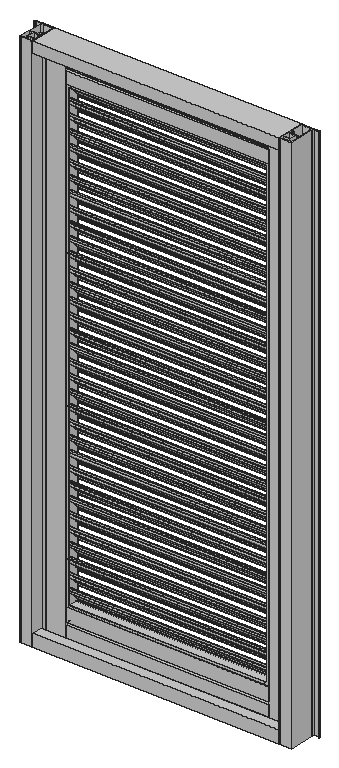
Revit family "DC_Holyoake_LouvreDoor_OHL_withOHL-F-45_12", category Doors, host Wall, Revit 2013
Parameters (values of type "OHL-Louver Door")
  Width = Opening Width - 10.00 mm  # 990.00 mm
  URL = "http://www.productspec.net/products/18508/holyoake-industries-ltd/louver-door-ohl-louver-door.aspx"
  Type Comments = "Louvre Door System"  # constant formula
  Tolerance = 3.00 mm  # constant formula
  Thickness = Door Post Depth  # 47.00 mm
  Technical Data = "http://www.productspec.net/products/18508/holyoake-industries-ltd/louver-door-ohl-louver-door.aspx"
  Structural Tolerance = 5.00 mm  # constant formula
  Rough Width = Width  # 990.00 mm
  Rough Height = Height  # 1980.00 mm
  Overall Width = Opening Width + 40.00 mm  # 1040.00 mm
  Opening Width = 1000.00 mm
  Model = "OHL - Louvre Door"  # constant formula
  Material Frame = Louver Door - Holyoake - Frame, Aluminium
  Material Handle = Louver Door - Holyoake - Handle, Stainless Steel
  Manufacturer = "Holyoake Industries Ltd"  # constant formula
  Louvre Width = Width - 2 * (Door Jamb Width + Door Post Width + 2 * Tolerance)  # 735.00 mm
  Louvre Offset = Frame Transom Width + Structural Tolerance + Door Transom Width  # 136.00 mm
  Louvre Height = Height - 2 * Louvre Offset  # 1708.00 mm
  Louvre Door Panel Width = Width - 2 * (Door Jamb Width + Tolerance)  # 895.00 mm
  Lock = "Standard Lockwood Set"  # constant formula
  Wall Closure = By host
  Height = 1980.00 mm
  Handle Z Distance = 900.00 mm
  Function = Interior
  Front of Door = "Rubber seal on the closing face"  # constant formula
  Frame Transom Width = 20.00 mm  # constant formula
  Flange Width = 25.00 mm  # constant formula
  Door Transom Width = 111.00 mm  # constant formula
  Door Post Width = 77.00 mm  # constant formula
  Door Post Depth = 47.00 mm  # constant formula
  Door Jamb Width = 44.50 mm  # constant formula
  Door Jamb Depth = 101.00 mm  # constant formula
  Door Hinge = "Stainless Steel"  # constant formula
  Door Handle Offset = Overall Width - Flange Width - Door Jamb Width - 3 * Tolerance - Door Post Width - Louvre Width - 49.05 mm  # 100.45 mm
  Description = "Holyoake Louvre Door System"  # constant formula
  Created By = "Productspec Ltd"  # constant formula
  Construction Type = "Extruded aluminium box section to provide the strength required to hang a large louvre door"  # constant formula
  Author = "Zinder Zhao"  # constant formula
Reference planes
  plane 1: y = 0
  plane 2 "Center (Left/Right)": x = 11
  plane 3 "Exterior": y = 75
  plane 4 "Interior": y = -75
  plane 5 "Opening Top": z = 1980
  plane 6 "Structural Tolerance - Door Head": z = 1955
  plane 7 "Under Cut": z = 0
  plane 8: y = 33
  plane 9: z = 990
  plane 10: z = 1960
  plane 11: z = 20
  plane 12: z = 136
  plane 13: z = 1844
  plane 14: z = 25
  plane 15: x = -489
  plane 16: x = 511
  plane 17: x = -484
  plane 18: y = -21
  plane 19: x = -439.5
  plane 20: x = -359.5
  plane 21: x = -509
  plane 22: x = 506
  plane 23: x = 461.5
  plane 24: x = 381.5
  plane 25: x = 531
  plane 26: y = 975
  plane 27: x = -356.5
  plane 28: x = 378.5
  plane 29: x = -436.5
  plane 30: x = 458.5
  plane 31 "Door Panel": y = 80
  plane 32: x = 430.55
  plane 33: y = 1075
  plane 34: z = 900
Forms (mm)
  Extrusion 1, solid, material "Louver Door - Holyoake - Frame, Aluminium" <- "Material Frame"
    sketch origin (11, -3, 0) x (0, -1, 0) y (0, 0, -1)
      loop
        line (-83, -1980) -> (18, -1980) -> (18, -1939.95) -> (-18.4, -1939.95) -> (-18.4, -1960) -> (-83, -1960) -> (-83, -1980)
      loop
        line (-83, 0) -> (-83, -20) -> (-18.4, -20) -> (-18.4, -45.05) -> (18, -45.05) -> (18, 0) -> (-83, 0)
    from -450.5 to 450.5
  Extrusion 2, solid, material "Louver Door - Holyoake - Frame, Aluminium" <- "Material Frame", detail levels fine
    sketch origin (0, 3, 0) x (1, 0, 0) y (0, 1, 0)
      loop
        line (458.5, 30) -> (458.5, 77) -> (459.593, 83.077)
        arc (459.593, 83.077) -> (460.307, 84.147) -> (461.526, 84.561) r 2.001
        line (461.526, 84.561) -> (462.853, 84.561) -> (462.853, 77) -> (468.011, 77) -> (468.011, 84.561) -> (469.34, 84.561) -> (469.34, 88.277) -> (460.45, 88.277)
        arc (460.45, 88.277) -> (459.232, 87.864) -> (458.517, 86.796) r 2.002
        line (458.517, 86.796) -> (456.827, 78.484)
        arc (456.827, 78.484) -> (456.112, 77.414) -> (454.893, 77) r 2.002
        line (454.893, 77) -> (381.5, 77) -> (381.5, 74) -> (383, 74) -> (383, 66) -> (381.5, 66) -> (381.5, 41) -> (383, 41) -> (383, 33) -> (381.5, 33) -> (381.5, 30) -> (458.5, 30)
      loop
        line (456.5, 32) -> (456.5, 75) -> (385, 75) -> (385, 64) -> (383.5, 64) -> (383.5, 43) -> (385, 43) -> (385, 32) -> (456.5, 32)
    from 25 to 1955
  Extrusion 3, solid, material "Louver Door - Holyoake - Frame, Aluminium" <- "Material Frame", detail levels fine
    sketch origin (11, 0, 0) x (0, -1, 0) y (0, 0, -1)
      loop
        line (-73, -1955) -> (-73, -1945) -> (-30.5, -1945) -> (-30.5, -1898.46) -> (-43.33, -1898.46) -> (-43.33, -1892)
        arc (-43.33, -1892) -> (-42.451, -1889.879) -> (-40.33, -1889) r 3
        line (-40.33, -1889) -> (-30.5, -1889) -> (-30.5, -1844) -> (-71.997, -1844) -> (-71.997, -1847) -> (-75, -1847) -> (-75, -1844) -> (-77, -1844) -> (-77, -1849) -> (-71.997, -1849) -> (-71.997, -1857) -> (-75, -1857) -> (-75, -1955) -> (-73, -1955)
      loop
        line (-32.5, -1943) -> (-32.5, -1926.46) -> (-59.81, -1926.46) -> (-59.81, -1900.46) -> (-73, -1900.46) -> (-73, -1943) -> (-32.5, -1943)
      loop
        line (-32.5, -1887) -> (-32.5, -1846) -> (-70, -1846) -> (-70, -1858.98) -> (-73, -1858.98) -> (-73, -1898.46) -> (-45.33, -1898.46) -> (-45.33, -1892)
        arc (-45.33, -1892) -> (-43.866, -1888.464) -> (-40.33, -1887) r 5
        line (-40.33, -1887) -> (-32.5, -1887)
      loop
        line (-32.5, -1900.46) -> (-57.81, -1900.46) -> (-57.81, -1924.46) -> (-32.5, -1924.46) -> (-32.5, -1900.46)
      loop
        line (-73, -25) -> (-75, -25) -> (-75, -123) -> (-71.997, -123) -> (-71.997, -131) -> (-77, -131) -> (-77, -136) -> (-75, -136) -> (-75, -133) -> (-71.997, -133) -> (-71.997, -136) -> (-30.5, -136) -> (-30.5, -86) -> (-40.33, -86)
        arc (-40.33, -86) -> (-42.451, -85.121) -> (-43.33, -83) r 3
        line (-43.33, -83) -> (-43.33, -76.54) -> (-30.5, -76.54) -> (-30.5, -35) -> (-73, -35) -> (-73, -25)
      loop
        line (-32.5, -37) -> (-73, -37) -> (-73, -74.54) -> (-59.81, -74.54) -> (-59.81, -48.54) -> (-32.5, -48.54) -> (-32.5, -37)
      loop
        line (-32.5, -88) -> (-40.33, -88)
        arc (-40.33, -88) -> (-43.866, -86.536) -> (-45.33, -83) r 5
        line (-45.33, -83) -> (-45.33, -76.54) -> (-73, -76.54) -> (-73, -121.02) -> (-70, -121.02) -> (-70, -134) -> (-32.5, -134) -> (-32.5, -88)
      loop
        line (-32.5, -74.54) -> (-32.5, -50.54) -> (-57.81, -50.54) -> (-57.81, -74.54) -> (-32.5, -74.54)
    from -370.5 to 370.5
  Sweep 4, solid, material "Louver Door - Holyoake - Frame, Aluminium" <- "Material Frame", detail levels fine
    path origin (0, 80, 0) x (-1, 0, 0) y (0, 0, 1)
      loop
        line (-506, 0) -> (-506, 1980)
    profile "Family1 : Family1" origin (506, 80, 990) x (-1, 0, 0) y (0, -1, 0)
      loop
        line (42.5, 61.46) -> (42.5, 85.46) -> (17.19, 85.46) -> (17.19, 61.46) -> (42.5, 61.46)
      loop
        line (42.5, 48) -> (34.67, 48)
        arc (34.67, 48) -> (31.134, 49.464) -> (29.67, 53) r 5
        line (29.67, 53) -> (29.67, 59.46) -> (2, 59.46) -> (2, 14.98) -> (5, 14.98) -> (5, 2) -> (42.5, 2) -> (42.5, 48)
      loop
        line (42.5, 99) -> (2, 99) -> (2, 61.46) -> (15.19, 61.46) -> (15.19, 87.46) -> (42.5, 87.46) -> (42.5, 99)
      loop
        line (0, 101) -> (0, 13) -> (3.003, 13) -> (3.003, 5) -> (-2, 5) -> (-2, 2) -> (-20.172, 2) -> (-22.172, 4) -> (-22.172, 5) -> (-25, 5) -> (-25, 4) -> (-21, 0) -> (0, 0) -> (0, 3) -> (3.003, 3) -> (3.003, 0) -> (44.5, 0) -> (44.5, 50) -> (34.67, 50)
        arc (34.67, 50) -> (32.549, 50.879) -> (31.67, 53) r 3
        line (31.67, 53) -> (31.67, 59.46) -> (44.5, 59.46) -> (44.5, 101) -> (0, 101)
  Sweep 5, solid, material "Louver Door - Holyoake - Frame, Aluminium", detail levels fine
    path origin (0, 80, 0) x (-1, 0, 0) y (0, 0, 1)
      loop
        line (484, 0) -> (484, 1980)
    profile "Family1 : Family1" origin (-484, 80, 990) x (-1, 0, 0) y (0, -1, 0)
      loop
        line (-42.5, 61.46) -> (-17.19, 61.46) -> (-17.19, 85.46) -> (-42.5, 85.46) -> (-42.5, 61.46)
      loop
        line (-42.5, 48) -> (-42.5, 2) -> (-5, 2) -> (-5, 14.98) -> (-2, 14.98) -> (-2, 59.46) -> (-29.67, 59.46) -> (-29.67, 53)
        arc (-29.67, 53) -> (-31.134, 49.464) -> (-34.67, 48) r 5
        line (-34.67, 48) -> (-42.5, 48)
      loop
        line (-42.5, 99) -> (-42.5, 87.46) -> (-15.19, 87.46) -> (-15.19, 61.46) -> (-2, 61.46) -> (-2, 99) -> (-42.5, 99)
      loop
        line (0, 101) -> (-44.5, 101) -> (-44.5, 59.46) -> (-31.67, 59.46) -> (-31.67, 53)
        arc (-31.67, 53) -> (-32.549, 50.879) -> (-34.67, 50) r 3
        line (-34.67, 50) -> (-44.5, 50) -> (-44.5, 0) -> (-3.003, 0) -> (-3.003, 3) -> (0, 3) -> (0, 0) -> (21, 0) -> (25, 4) -> (25, 5) -> (22.172, 5) -> (22.172, 4) -> (20.172, 2) -> (2, 2) -> (2, 5) -> (-3.003, 5) -> (-3.003, 13) -> (0, 13) -> (0, 101)
  Extrusion 6, solid, material "Louver Door - Holyoake - Frame, Aluminium" <- "Material Frame", detail levels fine
    sketch origin (22, 3, 0) x (-1, 0, 0) y (0, -1, 0)
      loop
        line (454.893, -30) -> (381.5, -30) -> (381.5, -33) -> (383, -33) -> (383, -41) -> (381.5, -41) -> (381.5, -66) -> (383, -66) -> (383, -74) -> (381.5, -74) -> (381.5, -77) -> (458.5, -77) -> (458.5, -30) -> (459.593, -23.923)
        arc (459.593, -23.923) -> (460.307, -22.853) -> (461.526, -22.439) r 2.001
        line (461.526, -22.439) -> (464.183, -22.439) -> (464.183, -21.439) -> (462.853, -21.439) -> (462.853, -19.723) -> (468.013, -19.723) -> (468.013, -21.439) -> (466.683, -21.439) -> (466.683, -22.439) -> (469.34, -22.439) -> (469.34, -18.723) -> (460.45, -18.723)
        arc (460.45, -18.723) -> (459.232, -19.136) -> (458.517, -20.204) r 2.002
        line (458.517, -20.204) -> (456.827, -28.516)
        arc (456.827, -28.516) -> (456.112, -29.586) -> (454.893, -30) r 2.002
      loop
        line (456.5, -32) -> (385, -32) -> (385, -43) -> (383.5, -43) -> (383.5, -64) -> (385, -64) -> (385, -75) -> (456.5, -75) -> (456.5, -32)
    from 25 to 1955
  Extrusion 7, solid, material "Louver Door - Holyoake - Frame, Aluminium", detail levels coarse+medium
    sketch origin (0, 0, 0) x (1, 0, 0) y (0, 1, 0)
      loop
        line (-439.5, 30.5) -> (461.5, 30.5) -> (461.5, 80) -> (-439.5, 80) -> (-439.5, 30.5)
    from 25 to 1955
  Extrusion 8, solid, material "Louver Door - Holyoake - Frame, Aluminium", detail levels coarse+medium
    sketch origin (0, 0, 0) x (1, 0, 0) y (0, 1, 0)
      loop
        line (-489, -21) -> (-439.5, -21) -> (-439.5, 80) -> (-489, 80) -> (-489, -21)
      loop
        line (461.5, -21) -> (511, -21) -> (511, 80) -> (461.5, 80) -> (461.5, -21)
    from 0 to 1980
Lines and regions (mm)
  Opening 1
    outline origin (-5000, -75, 0) x (1, 0, 0) y (0, 0, 1)
      loop
        line (4511, 0) -> (5511, 0) -> (5511, 1980) -> (4511, 1980) -> (4511, 0)
  Masking region 1, detail levels coarse
    outline origin (0, 0, 0) x (0, -1, 0) y (1, 0, 0)
      loop
        line (75, 511) -> (-80, 511) -> (-80, -489) -> (75, -489) -> (75, 511)
  model lines
    curve 1: line (-484, 75, 0) -> (-484, 75, 1955)
    curve 2: line (506, 75, 1955) -> (506, 75, 0)
  symbolic lines, style "Elevation Swing", detail levels coarse
    curve 3: arc (458.5, 80, 0) -> (196.361, 712.861, 0) -> (-436.5, 975, 0) r 895
  symbolic lines, style "DoorsPanelProjection", detail levels medium+fine
    curve 4: line (-436.5, 975, 0) -> (-436.5, 80, 0)
    curve 7: line (-436.5, 80, 0) -> (-386.9, 80, 0)
    curve 8: line (-386.9, 80, 0) -> (-386.9, 975, 0)
    curve 9: line (-386.9, 975, 0) -> (-436.5, 975, 0)
  symbolic lines, style "Plan Swing", detail levels coarse
    curve 5: line (-489, 75, 0) -> (-489, 1075, 0)
    curve 6: arc (511, 75, 0) -> (218.107, 782.107, 0) -> (-489, 1075, 0) r 1000
  symbolic lines, style "Elevation Swing"
    curve 10: line (458.517, 80, 1955) -> (-356.5, 80, 990)
    curve 11: line (458.517, 80, 25) -> (-356.5, 80, 990)
Text (mm)
  text "Exterior" at (-2302.997, 772.319, 0), in view "Ref. Level"
  text "Exterior" at (0, 1615.38, 3698.081), in view "Left"
  text "Exterior" at (0, 1036.032, 3874.932), in view "Right"
Dimensions and locks
  locked: plane 3 "Exterior" to host wall at 0
  locked: host wall to plane 4 "Interior"
  "Height": plane 5 "Opening Top" to level
  equal spacing: plane 5 "Opening Top", plane 9, level
  "Structural Tolerance": plane 10 to plane 6 "Structural Tolerance - Door Head"
  "Structural Tolerance": plane 14 to plane 11
  "Door Transom Width": plane 12 to plane 14
  "Door Transom Width": plane 6 "Structural Tolerance - Door Head" to plane 13
  "Frame Transom Width": plane 11 to plane 7 "Under Cut"
  "Louvre Height": plane 13 to plane 12
  "Structural Tolerance": plane 15 to plane 17
  "Width": plane 17 to plane 22
  "Opening Width": plane 15 to plane 16
  "Overall Width": plane 21 to plane 25
  "Flange Width": plane 21 to plane 17
  "Tolerance": plane 20 to plane 27
  "Tolerance": plane 28 to plane 24
  "Tolerance": plane 19 to plane 29
  "Tolerance": plane 30 to plane 23
  equal spacing: plane 27, plane 2 "Center (Left/Right)", plane 28
  "Louvre Width": plane 27 to plane 28
  "Door Post Width": plane 24 to plane 30
  "Door Post Width": plane 29 to plane 20
  "Door Jamb Depth": plane 18 to plane 31 "Door Panel"
  "Door Jamb Width": plane 17 to plane 19
  "Louvre Door Panel Width": plane 31 "Door Panel" to plane 26
  "Door Handle Offset": plane 32 to plane 25
  "Opening Width": plane 33 to host wall
  "Handle Z Distance": plane 7 "Under Cut" to plane 34
  locked: plane 3 "Exterior" to plane 31 "Door Panel" at 5
  "Door Post Depth": plane 8 to plane 31 "Door Panel"
  "Louvre Door Panel Width": radius of curve 3
  "Opening Width": radius of curve 6
  aligned and locked: plane 1 to host wall
  aligned and locked: level to plane 7 "Under Cut"
  aligned and locked: nested 1 to plane 31 "Door Panel"
  aligned and locked: Extrusion 2 to plane 30
  aligned and locked: plane 24 to Extrusion 2
  aligned and locked: plane 31 "Door Panel" to Extrusion 2
  aligned and locked: nested 1 to plane 32
  aligned and locked: plane 23 to Extrusion 1
  aligned and locked: plane 19 to Extrusion 1
  aligned and locked: Extrusion 1 sketch curve to plane 18
  aligned and locked: plane 31 "Door Panel" to Extrusion 1 sketch curve
  aligned and locked: Extrusion 1 sketch curve to plane 31 "Door Panel"
  aligned and locked: plane 18 to Extrusion 1 sketch curve
  aligned and locked: Extrusion 3 to plane 20
  aligned and locked: Extrusion 3 to plane 24
  aligned and locked: Masking region 1 sketch curve to Extrusion 1
  aligned and locked: plane 6 "Structural Tolerance - Door Head" to Extrusion 2
  aligned and locked: plane 34 to nested 1
  aligned and locked: plane 8 to Extrusion 2
  aligned and locked: plane 22 to Sweep 4 sketch curve
  aligned and locked: Sweep 5 sketch curve to plane 17
  aligned and locked: plane 5 "Opening Top" to Sweep 5 sketch curve
  aligned and locked: level to Sweep 5 sketch curve
  aligned and locked: plane 5 "Opening Top" to Sweep 4 sketch curve
  aligned and locked: level to Sweep 4 sketch curve
  aligned and locked: Extrusion 2 to plane 14
  aligned and locked: Extrusion 7 sketch curve to plane 31 "Door Panel"
  aligned and locked: Masking region 1 to plane 15
  aligned and locked: plane 16 to Masking region 1
  aligned and locked: Extrusion 7 sketch curve to plane 19
  aligned and locked: Extrusion 7 sketch curve to plane 23
  aligned and locked: plane 18 to Extrusion 8 sketch curve  (x2)
  aligned and locked: plane 19 to Extrusion 8 sketch curve
  aligned and locked: Extrusion 8 sketch curve to plane 31 "Door Panel"  (x2)
  aligned and locked: plane 23 to Extrusion 8 sketch curve
  aligned and locked: Extrusion 8 to level
  aligned and locked: plane 5 "Opening Top" to Extrusion 8
  aligned and locked: host wall to Masking region 1
  aligned and locked: Extrusion 8 sketch curve to plane 15
  aligned and locked: plane 16 to Extrusion 8 sketch curve
  aligned and locked: Extrusion 7 to plane 14
  aligned and locked: plane 6 "Structural Tolerance - Door Head" to Extrusion 7
  aligned and locked: Extrusion 7 sketch curve to Extrusion 3
  aligned and locked: plane 6 "Structural Tolerance - Door Head" to Extrusion 6
Automatic sketch dimensions
  curve 5 to host wall = 0.00 mm
  curve 5 to plane 15 = 0.00 mm
  curve 4 to plane 26 = 0.00 mm
  curve 4 to plane 29 = 0.00 mm
  curve 7 to plane 31 "Door Panel" = 0.00 mm
  curve 6 to host wall = 0.00 mm
  plane 20 to curve 7 = 27.40 mm
  Opening 1 sketch curve to plane 5 "Opening Top" = 0.00 mm
  Opening 1 sketch curve to plane 15 = 0.00 mm
  Opening 1 sketch curve to plane 16 = 0.00 mm
  Opening 1 sketch curve to level = 0.00 mm
  Extrusion 1 sketch curve to plane 10 = 0.00 mm
  Extrusion 1 sketch curve to plane 11 = 0.00 mm
  Extrusion 1 sketch curve to level = 0.00 mm
  Extrusion 1 sketch curve to plane 5 "Opening Top" = 0.00 mm
  host wall to Extrusion 1 sketch curve = 15.40 mm  (x2)
  Extrusion 1 sketch curve to plane 14 = 20.05 mm
  plane 6 "Structural Tolerance - Door Head" to Extrusion 1 sketch curve = 15.05 mm
  Extrusion 2 sketch curve to plane 24 = 0.00 mm  (x3)
  Extrusion 2 sketch curve to plane 8 = 0.00 mm
  Extrusion 2 sketch curve to plane 31 "Door Panel" = 0.00 mm  (x3)
  Extrusion 2 sketch curve to plane 30 = 0.00 mm
  Extrusion 2 sketch curve to Extrusion 2 sketch curve = 1.50 mm  (x3)
  Extrusion 2 sketch curve to plane 24 = 2.00 mm
  Extrusion 2 sketch curve to Extrusion 2 sketch curve = 2.00 mm  (x3)
  plane 30 to Extrusion 2 sketch curve = 3.607 mm
  plane 30 to Extrusion 2 sketch curve = 2.00 mm
  plane 30 to Extrusion 2 sketch curve = 1.673 mm
  Extrusion 2 sketch curve to plane 30 = 0.017 mm
  Extrusion 2 sketch curve to plane 30 = 1.093 mm
  Extrusion 2 sketch curve to plane 23 = 1.05 mm
  plane 23 to Extrusion 2 sketch curve = 0.026 mm
  Extrusion 2 sketch curve to Extrusion 2 sketch curve = 1.327 mm
  Extrusion 2 sketch curve to Extrusion 2 sketch curve = 5.158 mm
  Extrusion 2 sketch curve to Extrusion 2 sketch curve = 1.328 mm
  plane 31 "Door Panel" to Extrusion 2 sketch curve = 1.484 mm
  plane 31 "Door Panel" to Extrusion 2 sketch curve = 5.559 mm
  Extrusion 2 sketch curve to Extrusion 2 sketch curve = 0.517 mm
  Extrusion 2 sketch curve to Extrusion 2 sketch curve = 0.00 mm
  Extrusion 2 sketch curve to Extrusion 2 sketch curve = 1.714 mm
  Extrusion 2 sketch curve to Extrusion 2 sketch curve = 0.52 mm
  Extrusion 2 sketch curve to plane 31 "Door Panel" = 2.00 mm
  Extrusion 2 sketch curve to host wall = 2.00 mm
  host wall to Extrusion 2 sketch curve = 6.00 mm
  plane 8 to Extrusion 2 sketch curve = 13.00 mm
  plane 8 to Extrusion 2 sketch curve = 3.00 mm
  plane 8 to Extrusion 2 sketch curve = 2.00 mm
  Extrusion 3 sketch curve to Extrusion 3 sketch curve = 0.00 mm  (x8)
  Extrusion 3 sketch curve to plane 12 = 0.00 mm  (x2)
  Extrusion 3 sketch curve to plane 13 = 0.00 mm  (x2)
  Extrusion 3 sketch curve to host wall = 0.00 mm  (x4)
  Extrusion 3 sketch curve to plane 14 = 0.00 mm
  Extrusion 3 sketch curve to plane 6 "Structural Tolerance - Door Head" = 0.00 mm
  Extrusion 3 sketch curve to host wall = 2.00 mm  (x2)
  host wall to Extrusion 3 sketch curve = 2.00 mm  (x4)
  Extrusion 3 sketch curve to Extrusion 3 sketch curve = 1.003 mm
  Extrusion 3 sketch curve to Extrusion 3 sketch curve = 3.003 mm
  Extrusion 3 sketch curve to Extrusion 3 sketch curve = 1.997 mm  (x2)
  Extrusion 3 sketch curve to Extrusion 3 sketch curve = 13.19 mm  (x2)
  Extrusion 3 sketch curve to Extrusion 3 sketch curve = 2.00 mm  (x16)
  plane 8 to Extrusion 3 sketch curve = 12.33 mm  (x2)
  Extrusion 3 sketch curve to Extrusion 3 sketch curve = 3.00 mm  (x2)
  Extrusion 3 sketch curve to plane 8 = 0.50 mm  (x6)
  Extrusion 3 sketch curve to plane 8 = 2.50 mm  (x2)
  Extrusion 3 sketch curve to plane 13 = 2.00 mm
  Extrusion 3 sketch curve to Extrusion 3 sketch curve = 10.00 mm
  Extrusion 3 sketch curve to Extrusion 3 sketch curve = 11.54 mm
  Extrusion 3 sketch curve to Extrusion 3 sketch curve = 24.00 mm  (x3)
  Extrusion 3 sketch curve to Extrusion 3 sketch curve = 6.46 mm  (x3)
  plane 12 to Extrusion 3 sketch curve = 14.98 mm
  Extrusion 3 sketch curve to Extrusion 3 sketch curve = 1.98 mm  (x2)
  plane 12 to Extrusion 3 sketch curve = 5.00 mm
  plane 12 to Extrusion 3 sketch curve = 2.00 mm
  Extrusion 3 sketch curve to Extrusion 3 sketch curve = 1.00 mm
  Extrusion 3 sketch curve to Extrusion 3 sketch curve = 8.00 mm
  Extrusion 3 sketch curve to Extrusion 3 sketch curve = 41.00 mm
  plane 6 "Structural Tolerance - Door Head" to Extrusion 3 sketch curve = 12.00 mm
  Masking region 1 sketch curve to host wall = 0.00 mm
  Masking region 1 sketch curve to plane 15 = 0.00 mm
  Masking region 1 sketch curve to plane 16 = 0.00 mm
  curve 1 to plane 6 "Structural Tolerance - Door Head" = 0.00 mm
  curve 1 to plane 17 = 0.00 mm
  curve 2 to level = 0.00 mm
  curve 2 to plane 22 = 0.00 mm
  curve 1 to level = 0.00 mm
  curve 2 to plane 6 "Structural Tolerance - Door Head" = 0.00 mm
  Extrusion 6 sketch curve to plane 20 = 0.00 mm  (x3)
  Extrusion 6 sketch curve to plane 8 = 0.00 mm  (x2)
  Extrusion 6 sketch curve to plane 29 = 0.00 mm
  Extrusion 6 sketch curve to plane 31 "Door Panel" = 0.00 mm
  Extrusion 6 sketch curve to Extrusion 6 sketch curve = 1.50 mm  (x2)
  plane 20 to Extrusion 6 sketch curve = 2.00 mm
  Extrusion 6 sketch curve to Extrusion 6 sketch curve = 2.00 mm  (x4)
  Extrusion 6 sketch curve to Extrusion 6 sketch curve = 3.607 mm
  plane 29 to Extrusion 6 sketch curve = 2.00 mm
  plane 29 to Extrusion 6 sketch curve = 1.673 mm
  Extrusion 6 sketch curve to plane 29 = 0.017 mm
  Extrusion 6 sketch curve to plane 29 = 1.093 mm
  plane 19 to Extrusion 6 sketch curve = 1.05 mm
  Extrusion 6 sketch curve to plane 19 = 0.026 mm
  Extrusion 6 sketch curve to plane 19 = 1.353 mm
  Extrusion 6 sketch curve to Extrusion 6 sketch curve = 1.33 mm  (x2)
  Extrusion 6 sketch curve to Extrusion 6 sketch curve = 2.50 mm
  Extrusion 6 sketch curve to Extrusion 6 sketch curve = 1.327 mm
  plane 31 "Door Panel" to Extrusion 6 sketch curve = 2.00 mm
  host wall to Extrusion 6 sketch curve = 2.00 mm
  Extrusion 6 sketch curve to host wall = 6.00 mm
  Extrusion 6 sketch curve to plane 8 = 13.00 mm
  Extrusion 6 sketch curve to plane 8 = 3.00 mm
  Extrusion 6 sketch curve to plane 8 = 2.00 mm
  plane 8 to Extrusion 6 sketch curve = 1.484 mm
  plane 8 to Extrusion 6 sketch curve = 5.559 mm
  Extrusion 6 sketch curve to Extrusion 6 sketch curve = 0.517 mm
  Extrusion 6 sketch curve to Extrusion 6 sketch curve = 0.00 mm
  Extrusion 6 sketch curve to Extrusion 6 sketch curve = 1.00 mm  (x3)
  Extrusion 6 sketch curve to Extrusion 6 sketch curve = 1.714 mm
  Extrusion 6 sketch curve to Extrusion 6 sketch curve = 0.52 mm
  curve 11 to plane 14 = 0.00 mm
  curve 10 to plane 6 "Structural Tolerance - Door Head" = 0.00 mm
  curve 11 to plane 9 = 0.00 mm
  curve 11 to plane 27 = 0.00 mm
  curve 10 to plane 30 = 0.017 mm
  curve 11 to plane 30 = 0.017 mm
Nested families
  nested 1: "Handle (4)" at (430.55, 80, 900) x (-1, 0, 0) z (0, 0, 1), type "Handle (4)", detail levels medium+fine
  nested 2: "Holyoake_OutsideLouvre_OHL-F-45_supply" at (14, 84.7, 136), built-in parameter 1001364 <- "Louvre Offset", type "OHL-F-45"
    with Overall Opening 1705.40 mm, Nominal Height 1714.00 mm, Exact Overall Flange Height 1756.20 mm, Exact Neck Height 1708.00 mm, Top Blade Height 55.40 mm, Blade Cut Setout 1650.00 mm, Blade Count 33, Blade Array Count 34.108
Definition of nested family "Handle (4)"
  Parameters (values of type "Handle (4)")
    Material Ironmongery = Louver Door - Holyoake - Handle, Stainless Steel
    Handle/Panel Offset = 50.00 mm
    Handle Z Distance = 0.00 mm
    Handle X Distance = 75.00 mm
    Handle Radius = 10.00 mm
    Handle Length = 200.00 mm
    Handle Spindle Offset = 20.00 mm
    Assembly Code = ""
  Reference planes
    plane 1 "Center (Front/Back)": y = 0
    plane 2: z = 0
    plane 3 "C/L Handel": x = 0
    plane 4: z = 0
    plane 5: z = 100
    plane 6: z = -100
    plane 7: z = 80
    plane 8: z = -80
    plane 9 "Center (Left/Right)": x = -75
    plane 10: y = 50
  Forms (mm)
    Extrusion 1, solid, material "Louver Door - Holyoake - Handle, Stainless Steel" <- "Material Ironmongery"
      sketch origin (0, 0, 0) x (1, 0, 0) y (0, 0, 1)
        loop
          circle (0, 80) r 10
        loop
          circle (0, -80) r 10
      from 0 to -50
    Revolve 2, solid, material "Louver Door - Holyoake - Handle, Stainless Steel" <- "Material Ironmongery"
      sketch origin (0, 50, 0) x (1, 0, 0) y (0, 0, 1)
        loop
          line (0, 100) -> (-10, 100) -> (-10, 94) -> (-8.032, 94) -> (-8.032, 89.765) -> (-10, 89.765) -> (-10, -89.765) -> (-8.032, -89.765) -> (-8.032, -94) -> (-10, -94) -> (-10, -100) -> (0, -100) -> (0, 100)
        axis (0, -100) -> (0, 100)
      angle from 0 to 360
  Dimensions and locks
    "Handle Z Distance": plane 4 to level
    equal spacing: plane 5, plane 4, plane 6
    "Handle Length": plane 5 to plane 6
    "Handle Spindle Offset": plane 5 to plane 7
    "Handle Spindle Offset": plane 8 to plane 6
    "Handle X Distance": plane 9 "Center (Left/Right)" to plane 3 "C/L Handel"
    "Handle/Panel Offset": plane 10 to plane 1 "Center (Front/Back)"
    "Handle Radius": plane 3 "C/L Handel" to Revolve 2 sketch curve
    "Handle Radius": radius of Extrusion 1 sketch curve  (x2)
    aligned and locked: plane 10 to Extrusion 1
    aligned and locked: Extrusion 1 to plane 1 "Center (Front/Back)"
  Automatic sketch dimensions
    Extrusion 1 sketch curve to plane 3 "C/L Handel" = 0.00 mm  (x2)
    Extrusion 1 sketch curve to plane 8 = 0.00 mm
    Extrusion 1 sketch curve to plane 7 = 0.00 mm
    Revolve 2 sketch curve to plane 6 = 0.00 mm
    Revolve 2 sketch curve to plane 3 "C/L Handel" = 0.00 mm  (x2)
    Revolve 2 sketch curve to plane 5 = 0.00 mm
    Revolve 2 sketch curve to Revolve 2 sketch curve = 0.00 mm  (x2)
    Revolve 2 sketch curve to Revolve 2 sketch curve = 1.968 mm  (x2)
    plane 6 to Revolve 2 sketch curve = 25.00 mm
    Revolve 2 sketch curve to plane 6 = 6.00 mm
    Revolve 2 sketch curve to Revolve 2 sketch curve = 4.235 mm  (x2)
    Revolve 2 sketch curve to Revolve 2 sketch curve = 10.235 mm
    Revolve 2 sketch curve to plane 5 = 45.00 mm
Definition of nested family "Holyoake_OutsideLouvre_OHL-F-45_supply"
  Parameters (values of type "OHL-F-45")
    URL = "http://www.productspec.net/products/18503/holyoake-industries-ltd/small-blade-outside-horizontal-louvers-ohl-45.aspx"
    Type Comments = "45mm Horizontal Curved Profile Louvers in Flanged Surround"
    Technical Data = "http://www.collate.co.nz/nas/TechnicalFiles/2367/p18502/F6-F7%20OHL45%2034.pdf"
    Ownership = "Holyoake Industries Limited"
    Overall Opening = Exact Neck Height - 2.60 mm  # 1125.40 mm
    Louver Depth = 51.70 mm
    Nominal Width = 741.00 mm
    Nominal Height = 1134.00 mm
    Model = "OHL-F-45"
    Manufacturer = "Holyoake Industries Limited"
    Keynote = ""
    Flange Width = 25.40 mm
    Flange Thickness = 4.70 mm
    Exact Overall Flange Height = Nominal Height + 42.20 mm  # 1176.20 mm
    Exact Overall Flange Width = Nominal Width + 42.20 mm  # 783.20 mm
    Exact Neck Width = Nominal Width - 6.00 mm  # 735.00 mm
    Exact Neck Height = Nominal Height - 6.00 mm  # 1128.00 mm
    Description = "Holyoake Outside Horizontal Louver"
    Created By = "Productspec Limited"
    Frame & Blades = none
    Top Blade Height = Overall Opening - Blade Cut Setout  # 25.40 mm
    Blade Width = 44.80 mm
    Blade Pitch = 50.00 mm
    Blade Offset = (Louver Depth - Blade Width) / 2  # 3.45 mm
    Blade Length = Exact Neck Width - 2.60 mm  # 732.40 mm
    Blade Height = 61.60 mm
    Blade Cut Setout = Blade Count * Blade Pitch  # 1100.00 mm
    Blade Count = Blade Array Count - 1  # 22
    Blade Array Count = Overall Opening / Blade Pitch  # 22.508
    Author = "Zinder Zhao"
    Assembly Code = ""
    Accessories = "Aluminium Bird mesh or insect mesh (fibreglass)"
  Reference planes
    plane 1 "Center (Front/Back)": y = 0
    plane 2: z = 1.3
    plane 3 "Center (Left/Right)": x = -3
    plane 4: x = -369.2
    plane 5: x = 363.2
    plane 6 "Overall Opening": z = 1126.7
    plane 7: y = 51.7
    plane 8: z = 51.3
    plane 9: y = 3.45
    plane 10: y = 4.7
    plane 11: x = -370.5
    plane 12: x = 364.5
    plane 13: x = -394.6
    plane 14: x = 388.6
    plane 15: x = 367.5
    plane 16: x = -373.5
    plane 17: z = -24.1
    plane 18: z = 1152.1
    plane 19: z = 1128
    plane 20: z = -3
    plane 21: z = 1131
    plane 22: z = 62.9
    plane 23 "Cut Blade Setout": z = 1101.3
    plane 24: y = 48.25
    plane 25: z = 564
    plane 26: z = 0
  Forms (mm)
    Sweep 1, solid, material <- "Frame & Blades", detail levels medium+fine
      path origin (0, 0, 0) x (1, 0, 0) y (0, 0, 1)
        loop
          line (363.2, 1.3) -> (363.2, 1126.7) -> (-369.2, 1126.7) -> (-369.2, 1.3) -> (363.2, 1.3)
      profile "Holyoake_OutsideLouvre_OHL-45_Flange_profile : OHL-45 Flange Profile" origin (363.2, 0, 564) x (-1, 0, 0) y (0, -1, 0)
        loop
          line (-25.4, -4.7) -> (-21.359, -4.7) -> (-19.1, -1.6) -> (-19.1, -4.7) -> (-16.95, -4.7)
          arc (-16.95, -4.7) -> (-16.3, -4.05) -> (-16.95, -3.4) r 0.65
          line (-16.95, -3.4) -> (-17.9, -3.4) -> (-17.9, -1.6) -> (-3.5, -1.6) -> (-3.5, -3.4) -> (-4.45, -3.4)
          arc (-4.45, -3.4) -> (-5.1, -4.05) -> (-4.45, -4.7) r 0.65
          line (-4.45, -4.7) -> (-3.09, -4.7) -> (-1.3, -1.6) -> (-1.3, -51.7) -> (5.7, -51.7) -> (5.7, -50.1) -> (0, -50.1) -> (0, -1.739) -> (-1.004, 0) -> (-22.686, 0) -> (-25.4, -4.7)
    Extrusion 2, solid, material <- "Frame & Blades", detail levels coarse+medium
      sketch origin (0, 0, 0) x (1, 0, 0) y (0, 1, 0)
        loop
          line (-370.5, 51.7) -> (-370.5, 0) -> (364.5, 0) -> (364.5, 51.7) -> (-370.5, 51.7)
      from 0 to 1128
  Dimensions and locks
    equal spacing: plane 11, plane 3 "Center (Left/Right)", plane 12
    "Exact Neck Width": plane 11 to plane 12
    "Nominal Width": plane 16 to plane 15
    "Exact Overall Flange Width": plane 13 to plane 14
    "Louver Depth": plane 1 "Center (Front/Back)" to plane 7
    "Flange Thickness": plane 1 "Center (Front/Back)" to plane 10
    "Blade Offset": plane 9 to plane 1 "Center (Front/Back)"
    locked: plane 11 to plane 4 at 1.3
    locked: plane 16 to plane 11 at 3
    "Blade Length": plane 4 to plane 5
    "Overall Opening": plane 6 "Overall Opening" to plane 2
    locked: plane 19 to plane 6 "Overall Opening" at 1.3
    locked: plane 21 to plane 19 at 3
    equal spacing: group 1, group 2, group 3, group 4, group 5, group 6, group 7, group 8, group 9, group 10, group 11, group 12, group 13, group 14, group 15, group 16, group 17, group 18, group 19, group 20, group 21, group 22  (x3)
    "Flange Width": plane 13 to plane 4
    "Blade Cut Setout": plane 23 "Cut Blade Setout" to plane 2
    "Blade Height": plane 22 to plane 2
    "Blade Width": plane 24 to plane 9
    "Blade Pitch": plane 8 to plane 2
    equal spacing: plane 19, plane 25, plane 26
    "Exact Neck Height": plane 19 to plane 26
    "Nominal Height": plane 21 to plane 20
    "Exact Overall Flange Height": plane 18 to plane 17
    "Flange Width": plane 18 to plane 6 "Overall Opening"
    aligned and locked: Sweep 1 sketch curve to plane 4
    aligned and locked: plane 5 to Sweep 1 sketch curve
    aligned and locked: Sweep 1 to plane 5  (x2)
    aligned and locked: plane 4 to Sweep 1  (x2)
    aligned and locked: Sweep 1 to plane 6 "Overall Opening"
    aligned and locked: plane 2 to Sweep 1
    aligned and locked: plane 3 "Center (Left/Right)" to nested 1
    aligned and locked: plane 3 "Center (Left/Right)" to nested 6
    aligned and locked: Sweep 1 to plane 7
    aligned and locked: plane 24 to nested 5
    aligned and locked: nested 1 to plane 24
    aligned and locked: nested 1 to nested 1
    aligned and locked: nested 2 to nested 2
    aligned and locked: nested 3 to nested 3
    aligned and locked: nested 4 to nested 4
    aligned and locked: nested 5 to nested 5
    aligned and locked: nested 6 to plane 23 "Cut Blade Setout"  (x2)
    aligned and locked: nested 5 to nested 6
    aligned and locked: nested 6 to plane 6 "Overall Opening"
    aligned and locked: nested 6 to nested 6
    aligned and locked: plane 22 to nested 1
    aligned and locked: nested 2 to plane 8
    aligned and locked: plane 19 to Sweep 1
    aligned and locked: plane 6 "Overall Opening" to Sweep 1 sketch curve
    aligned and locked: nested 7 to nested 7
    aligned and locked: nested 5 to plane 24
    aligned and locked: nested 4 to plane 24
    aligned and locked: nested 3 to plane 24
    aligned and locked: nested 2 to plane 24
    aligned and locked: nested 8 to nested 8
    aligned and locked: nested 9 to nested 9
    aligned and locked: nested 10 to nested 10
    aligned and locked: Extrusion 2 sketch curve to Sweep 1  (x2)
    aligned and locked: plane 1 "Center (Front/Back)" to Extrusion 2 sketch curve
    aligned and locked: Extrusion 2 sketch curve to plane 12
    aligned and locked: Extrusion 2 to plane 26
    aligned and locked: plane 19 to Extrusion 2
    aligned and locked: nested 11 to nested 11
    aligned and locked: nested 12 to nested 12
    aligned and locked: nested 13 to nested 13
    aligned and locked: nested 14 to nested 14
    aligned and locked: nested 15 to nested 15
    aligned and locked: nested 16 to nested 16
    aligned and locked: nested 17 to nested 17
    aligned and locked: nested 18 to nested 18
    aligned and locked: nested 19 to nested 19
    aligned and locked: nested 20 to nested 20
    aligned and locked: nested 21 to nested 21
    aligned and locked: nested 22 to nested 22
    aligned and locked: nested 23 to nested 23
  Automatic sketch dimensions
    Sweep 1 sketch curve to plane 2 = 0.00 mm
  Nested families
    nested 1: "Holyoake_OutsideLouvre_OHL-45_Blade" at (-3, 3.45, 1.3), type "OHL-45 Blade"
      with Length 732.40 mm
    nested 2: "Holyoake_OutsideLouvre_OHL-45_Blade" at (-3, 3.45, 51.3), type "OHL-45 Blade"
      with Length 732.40 mm
    nested 3: "Holyoake_OutsideLouvre_OHL-45_Blade" at (-3, 3.45, 101.3), type "OHL-45 Blade"
      with Length 732.40 mm
    nested 4: "Holyoake_OutsideLouvre_OHL-45_Blade" at (-3, 3.45, 151.3), type "OHL-45 Blade"
      with Length 732.40 mm
    nested 5: "Holyoake_OutsideLouvre_OHL-45_Blade" at (-3, 3.45, 201.3), type "OHL-45 Blade"
      with Length 732.40 mm
    nested 6: "Holyoake_OutsideLouvre_OHL-45_BladeCutted" at (-3, 3.45, 1101.3), type "OHL-45 BladeCutted"
      with Length 732.40 mm, Blade Cut Setout 25.40 mm
    nested 7: "Holyoake_OutsideLouvre_OHL-45_Blade" at (-3, 3.45, 251.3), type "OHL-45 Blade"
      with Length 732.40 mm
    nested 8: "Holyoake_OutsideLouvre_OHL-45_Blade" at (-3, 3.45, 301.3), type "OHL-45 Blade"
      with Length 732.40 mm
    nested 9: "Holyoake_OutsideLouvre_OHL-45_Blade" at (-3, 3.45, 351.3), type "OHL-45 Blade"
      with Length 732.40 mm
    nested 10: "Holyoake_OutsideLouvre_OHL-45_Blade" at (-3, 3.45, 401.3), type "OHL-45 Blade"
      with Length 732.40 mm
    nested 11: "Holyoake_OutsideLouvre_OHL-45_Blade" at (-3, 3.45, 451.3), type "OHL-45 Blade"
      with Length 732.40 mm
    nested 12: "Holyoake_OutsideLouvre_OHL-45_Blade" at (-3, 3.45, 501.3), type "OHL-45 Blade"
      with Length 732.40 mm
    nested 13: "Holyoake_OutsideLouvre_OHL-45_Blade" at (-3, 3.45, 551.3), type "OHL-45 Blade"
      with Length 732.40 mm
    nested 14: "Holyoake_OutsideLouvre_OHL-45_Blade" at (-3, 3.45, 601.3), type "OHL-45 Blade"
      with Length 732.40 mm
    nested 15: "Holyoake_OutsideLouvre_OHL-45_Blade" at (-3, 3.45, 651.3), type "OHL-45 Blade"
      with Length 732.40 mm
    nested 16: "Holyoake_OutsideLouvre_OHL-45_Blade" at (-3, 3.45, 701.3), type "OHL-45 Blade"
      with Length 732.40 mm
    nested 17: "Holyoake_OutsideLouvre_OHL-45_Blade" at (-3, 3.45, 751.3), type "OHL-45 Blade"
      with Length 732.40 mm
    nested 18: "Holyoake_OutsideLouvre_OHL-45_Blade" at (-3, 3.45, 801.3), type "OHL-45 Blade"
      with Length 732.40 mm
    nested 19: "Holyoake_OutsideLouvre_OHL-45_Blade" at (-3, 3.45, 851.3), type "OHL-45 Blade"
      with Length 732.40 mm
    nested 20: "Holyoake_OutsideLouvre_OHL-45_Blade" at (-3, 3.45, 901.3), type "OHL-45 Blade"
      with Length 732.40 mm
    nested 21: "Holyoake_OutsideLouvre_OHL-45_Blade" at (-3, 3.45, 951.3), type "OHL-45 Blade"
      with Length 732.40 mm
    nested 22: "Holyoake_OutsideLouvre_OHL-45_Blade" at (-3, 3.45, 1001.3), type "OHL-45 Blade"
      with Length 732.40 mm
    nested 23: "Holyoake_OutsideLouvre_OHL-45_Blade" at (-3, 3.45, 1051.3), type "OHL-45 Blade"
      with Length 732.40 mm
  Connectors
    hvac at (-3, 51.7, 564), driven by "Exact Neck Height", driven by "Exact Neck Width"
      settings: on Sweep 1, index 1, duct flow 0.0 L/s, flow factor 0, pres drop 0.0 Pa, loss coef 0, conn angle 0.00°, conn width 735 mm, conn height 1128 mm, conn radius 300 mm, duct sys type 1, conn prof type 1, flow config 0, flow direction 1, loss method 0, conn ref index -1, conn util no, is conn primary yes, conn desc "In"
  Definition of nested family "Holyoake_OutsideLouvre_OHL-45_Blade"
    Parameters (values of type "Holyoake_OutsideLouvre_OHL-34_Blade")
      URL = "http://www.holyoake.co.nz/407.0.html"
      Type Comments = "Outside Louvre Blade"
      Ownership = "Holyoake lndustries Limited"
      Model = "OHL-34 Blade"
      Manufacturer = "Holyoake lndustries Limited"
      Created by = "Productspec Limited"
      Length = 500.00 mm
      Blade = Paint - Grey
      Width = 44.80 mm
      Height = 61.60 mm
      Author = "Zinder Zhao"
      Assembly Code = ""
    Types (2, lengths in mm): name | Model | Length | Blade
      Holyoake_OutsideLouvre_OHL-34_Blade | "OHL-34 Blade" | 500.00 | Paint - Grey
      OHL-45 Blade | "OHL-45 Blade" | 397.40 | none
    Reference planes
      plane 1 "Center (Front/Back)": y = 0
      plane 2: z = 0
      plane 3 "Center (Left/Right)": x = 0
      plane 4: z = 61.6
      plane 5: x = 250
      plane 6: x = -250
      plane 7: y = 44.8
    Forms (mm)
      Sweep 1, solid, material "Paint - Grey" <- "Blade", detail levels fine
        path origin (0, 0, 0) x (1, 0, 0) y (0, 1, 0)
          loop
            line (-250, 0) -> (250, 0)
        profile "Holyoake_OutsideLouvre_OHL-45_Blade_profile : OHL- 45 Blade Profile" origin (0, 0, 0) x (0, 1, 0) y (0, 0, 1)
          loop
            line (0, 0.917) -> (0.917, 0) -> (2.756, 0) -> (1.3, 1.456) -> (1.3, 7.215)
            arc (1.3, 7.215) -> (10.573, 15.076) -> (17.749, 24.889) r 51.6
            arc (17.749, 24.889) -> (26.632, 34.09) -> (38.24, 39.461) r 34.8
            arc (38.24, 39.461) -> (40.016, 43.169) -> (36.8, 45.73) r 3.3
            arc (36.8, 45.73) -> (35.071, 46.725) -> (35.062, 48.719) r 2
            arc (35.062, 48.719) -> (39.684, 52.028) -> (44.8, 54.507) r 33.5
            line (44.8, 54.507) -> (44.8, 60.68) -> (43.88, 61.6) -> (42.042, 61.6) -> (43.5, 60.142) -> (43.5, 55.388)
            arc (43.5, 55.388) -> (38.55, 52.861) -> (34.066, 49.577) r 34.8
            arc (34.066, 49.577) -> (33.886, 46.182) -> (36.8, 44.43) r 3.3
            arc (36.8, 44.43) -> (38.736, 42.934) -> (37.775, 40.684) r 2
            arc (37.775, 40.684) -> (25.799, 35.093) -> (16.638, 25.566) r 36.1
            arc (16.638, 25.566) -> (9.399, 15.725) -> (0, 7.919) r 50.3
            line (0, 7.919) -> (0, 0.917)
    Dimensions and locks
      "Length": plane 6 to plane 5
      equal spacing: plane 6, plane 3 "Center (Left/Right)", plane 5
      "Height": plane 4 to plane 2
      "Width": plane 7 to plane 1 "Center (Front/Back)"
      aligned and locked: plane 1 "Center (Front/Back)" to Sweep 1 sketch curve
      aligned and locked: level to plane 2
      aligned and locked: Sweep 1 to plane 7
      aligned and locked: plane 1 "Center (Front/Back)" to Sweep 1
      aligned and locked: plane 4 to Sweep 1
      aligned and locked: Sweep 1 to plane 2
    Automatic sketch dimensions
      Sweep 1 sketch curve to plane 6 = 0.00 mm
      Sweep 1 sketch curve to plane 5 = 0.00 mm
  Definition of nested family "Holyoake_OutsideLouvre_OHL-45_BladeCutted"
    Parameters (values of type "OHL-45 BladeCutted")
      URL = "http://www.holyoake.co.nz/407.0.html"
      Type Comments = "Outside Louvre Blade"
      Ownership = "Holyoake lndustries Limited"
      Model = "OHL-45 Blade"
      Manufacturer = "Holyoake lndustries Limited"
      Created by = "Productspec Limited"
      Length = 397.40 mm
      Blade Cut Setout = 47.40 mm
      Blade = none
      Width = 44.80 mm
      Height = 61.60 mm
      Author = "Zinder Zhao"
      Assembly Code = ""
    Reference planes
      plane 1 "Center (Front/Back)": y = 0
      plane 2: z = 0
      plane 3 "Center (Left/Right)": x = 0
      plane 4: z = 61.6
      plane 5: x = 198.7
      plane 6: x = -198.7
      plane 7: y = 44.8
      plane 8: z = 47.4
    Forms (mm)
      Sweep 1, solid, material <- "Blade", detail levels fine
        path origin (0, 0, 0) x (1, 0, 0) y (0, 1, 0)
          loop
            line (-198.7, 0) -> (198.7, 0)
        profile "Holyoake_OutsideLouvre_OHL-45_Blade_profile : OHL- 45 Blade Profile" origin (0, 0, 0) x (0, 1, 0) y (0, 0, 1)
          loop
            line (0, 0.917) -> (0.917, 0) -> (2.756, 0) -> (1.3, 1.456) -> (1.3, 7.215)
            arc (1.3, 7.215) -> (10.573, 15.076) -> (17.749, 24.889) r 51.6
            arc (17.749, 24.889) -> (26.632, 34.09) -> (38.24, 39.461) r 34.8
            arc (38.24, 39.461) -> (40.016, 43.169) -> (36.8, 45.73) r 3.3
            arc (36.8, 45.73) -> (35.071, 46.725) -> (35.062, 48.719) r 2
            arc (35.062, 48.719) -> (39.684, 52.028) -> (44.8, 54.507) r 33.5
            line (44.8, 54.507) -> (44.8, 60.68) -> (43.88, 61.6) -> (42.042, 61.6) -> (43.5, 60.142) -> (43.5, 55.388)
            arc (43.5, 55.388) -> (38.55, 52.861) -> (34.066, 49.577) r 34.8
            arc (34.066, 49.577) -> (33.886, 46.182) -> (36.8, 44.43) r 3.3
            arc (36.8, 44.43) -> (38.736, 42.934) -> (37.775, 40.684) r 2
            arc (37.775, 40.684) -> (25.799, 35.093) -> (16.638, 25.566) r 36.1
            arc (16.638, 25.566) -> (9.399, 15.725) -> (0, 7.919) r 50.3
            line (0, 7.919) -> (0, 0.917)
      Extrusion 2, void
        sketch origin (0, 0, 0) x (1, 0, 0) y (0, 1, 0)
          loop
            line (-198.7, 44.8) -> (-198.7, 0) -> (198.7, 0) -> (198.7, 44.8) -> (-198.7, 44.8)
        from 47.4 to 85.613
    Cuts and joins
      Extrusion 2 cuts Sweep 1
    Dimensions and locks
      "Length": plane 6 to plane 5
      equal spacing: plane 6, plane 3 "Center (Left/Right)", plane 5
      "Height": plane 4 to plane 2
      "Width": plane 7 to plane 1 "Center (Front/Back)"
      "Blade Cut Setout": plane 8 to plane 2
      aligned and locked: plane 1 "Center (Front/Back)" to Sweep 1 sketch curve
      aligned and locked: level to plane 2
      aligned and locked: Sweep 1 to plane 7
      aligned and locked: plane 1 "Center (Front/Back)" to Sweep 1
      aligned and locked: plane 4 to Sweep 1
      aligned and locked: Sweep 1 to plane 2
      aligned and locked: Sweep 1 to Extrusion 2 sketch curve
      aligned and locked: Extrusion 2 sketch curve to Sweep 1  (x2)
      aligned and locked: Extrusion 2 sketch curve to plane 1 "Center (Front/Back)"
      aligned and locked: cut or joined group of Sweep 1, Extrusion 2 to plane 8
    Automatic sketch dimensions
      Sweep 1 sketch curve to plane 6 = 0.00 mm
      Sweep 1 sketch curve to plane 5 = 0.00 mm
